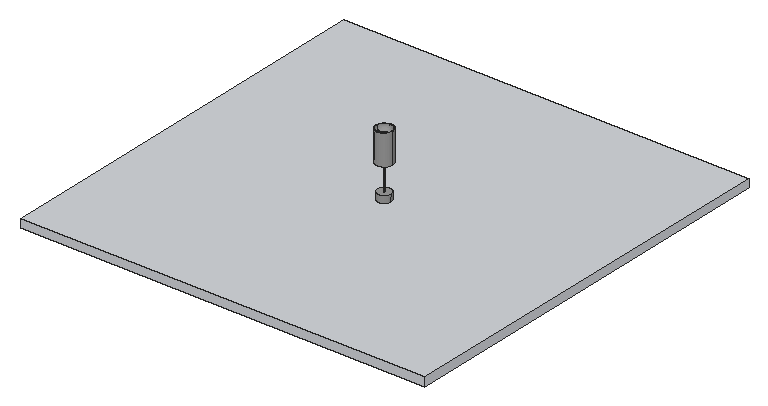
Revit family "LAMP_KOMBIC 100 SURFACE 2000 CRI80 OPTIC DALI", category Luminarias, Revit 2018
Family settings
  Anfitrión = Cara
  Cota de conector redondo = Diámetro de uso
  Tipo de pieza = Normal
  Corte con vacíos al cargar = No
  Origen de luz = Sí
  Compartido = No
  Punto de cálculo de habitación = No
Parameters (values of type "1205LM 3000K  B/B")
  Ángulo de inclinación = -90.00°
  Weight = 0.502 kg
  UGR = "17"
  Type = "COB PHILIPS"
  Protection rating = "IP40"
  Product datasheet = "http://www.lamp.es/product-files/TECH/K11SF2040WF830DBB-EN.pdf"
  Product code = "K11SF2040WF830DBB"
  Product URL = "https://www.lamp.es/en/family/kombic-surface_474354"
  Power Supply = "220-240V 50/60Hz"
  Power = 12 W
  Plum = 14.5 W
  Modelo = Product code  # "K11SF2040WF830DBB"
  Model explanation = "Possibility of chossing between surface or suspended within the model"
  Material reflector = LAMP_PC Reflector Kombic Metalizado Negro
  Material floron = LAMP_Plástico genérico NG
  Material optica = LAMP_PMMA Optica Kombic100
  Material cuerpo = LAMP_Plástico genérico NG
  Material cable suspension = LAMP_Acero genérico
  Material LED = LAMP_COB
  Manufacturer name = "LAMP"
  Manufacturer country = "Spain"
  Manufacturer URL = "http://www.lamp.es/en"
  MacAdam = "3"
  Luminaire type = "Suspended"
  Last update = "29/07/2021"
  Lamp = "COB LED"
  LED Lifetime = "50.000 L80 B10"
  Insulation class = "I"
  Installation instructions = "https://www.lamp.es/product-files/packed/by-family/474354_INS_all.zip"
  IEE = "A+"
  Height suspension [instance] = 200 mm
  Height distance [instance] = if(Surface, 0.1 mm, if(Ceiling rose, if(Height suspension > 38 mm, if(Height suspension < 2000 mm, Height suspension, 2000 mm), 38 mm), 37 mm))  # 200 mm
  Wattage = 14.5 W
  built-in parameter 1150107 = 3000 (stored number, unit not read)
  Surface [instance] = no
  built-in parameter 1150110 = 1 (stored number, unit not read)
  built-in parameter 1150109 = 1 (stored number, unit not read)
  built-in parameter 1150112 = 1 (stored number, unit not read)
  built-in parameter 1150113 = 1 (stored number, unit not read)
  built-in parameter 1114218 = 1 (stored number, unit not read)
  built-in parameter 1150137 = (empty or 0)
  built-in parameter 1150132 = 2
  built-in parameter 1150105 = 1078.2 (stored number, unit not read)
  built-in parameter 1150102 = (empty or 0)
  built-in parameter 1150106 = 10.782 (stored number, unit not read)
  Height = 180 mm
  Gear = "Electronic"
  Lumens = 1204.95 lm
  Finish = "Matte black RAL 9011"
  Color Filter = 16777215
  built-in parameter 1114217 = 1 (stored number, unit not read)
  built-in parameter 1150139 = (empty or 0)
  Fabricante = Manufacturer name  # "LAMP"
  Default Elevation = 1219.2 mm
  built-in parameter 1150104 = 7.7202 (stored number, unit not read)
  Efficacy = 83.1 lm/W
  Diameter = 100 mm
  built-in parameter 1150115 = 1 (stored number, unit not read)
  built-in parameter 1150114 = 1 (stored number, unit not read)
  built-in parameter 1150138 = (empty or 0)
  built-in parameter 1150134 = (empty or 0)
  Ceiling rose [instance] = not(Surface)  # yes
  Dimming Lamp Color Temperature Shift = (empty or 0)
  CRI = "80"
  Archivo de red fotométrica = "K11SF2040WF830NBB.IES"
  built-in parameter 1150133 = 10 (stored number, unit not read)
Types (12, lengths in mm): name | UGR | Product datasheet | Product code | Modelo | Material reflector | Material floron | Material cuerpo | built-in parameter 1150107 | built-in parameter 1150105 | built-in parameter 1150106 | Lumens | Finish | built-in parameter 1150104 | Efficacy | built-in parameter 1150134 | Archivo de red fotométrica
  1205LM 3000K  B/B | "17" | "http://www.lamp.es/product-files/TECH/K11SF2040WF830DBB-EN.pdf" | "K11SF2040WF830DBB" | "K11SF2040WF830DBB" | LAMP_PC Reflector Kombic Metalizado Negro | LAMP_Plástico genérico NG | LAMP_Plástico genérico NG | 3000 (stored number, unit not read) | 1078.2 (stored number, unit not read) | 10.782 (stored number, unit not read) | 1204.95 lm | "Matte black RAL 9011" | 7.7202 (stored number, unit not read) | 83.1 lm/W | (empty or 0) | "K11SF2040WF830NBB.IES"
  1205LM 3000K  B/W | "17" | "http://www.lamp.es/product-files/TECH/K11SF2040WF830DBW-EN.pdf" | "K11SF2040WF830DBW" | "K11SF2040WF830DBW" | LAMP_PC Reflector Kombic Metalizado Negro | LAMP_Plástico genérico BL | LAMP_Plástico genérico BL | 3000 (stored number, unit not read) | 1078.2 (stored number, unit not read) | 10.782 (stored number, unit not read) | 1204.95 lm | "Matte Traffic white RAL 9016" | 7.7202 (stored number, unit not read) | 83.1 lm/W | (empty or 0) | "K11SF2040WF830NBW.IES"
  1268LM 3000K  M/B | "17" | "http://www.lamp.es/product-files/TECH/K11SF2040WF830DMB-EN.pdf" | "K11SF2040WF830DMB" | "K11SF2040WF830DMB" | LAMP_PC Reflector Kombic Metalizado Mate | LAMP_Plástico genérico NG | LAMP_Plástico genérico NG | 3000 (stored number, unit not read) | 1134 (stored number, unit not read) | 11.34 (stored number, unit not read) | 1267.3 lm | "Matte black RAL 9011" | 8.1197 (stored number, unit not read) | 87.4 lm/W | (empty or 0) | "K11SF2040WF830NMB.IES"
  1268LM 3000K  M/W | "17" | "http://www.lamp.es/product-files/TECH/K11SF2040WF830DMW-EN.pdf" | "K11SF2040WF830DMW" | "K11SF2040WF830DMW" | LAMP_PC Reflector Kombic Metalizado Mate | LAMP_Plástico genérico BL | LAMP_Plástico genérico BL | 3000 (stored number, unit not read) | 1134 (stored number, unit not read) | 11.34 (stored number, unit not read) | 1267.3 lm | "Matte Traffic white RAL 9016" | 8.1197 (stored number, unit not read) | 87.4 lm/W | (empty or 0) | "K11SF2040WF830NMW.IES"
  1275LM 3000K  W/B | "19" | "http://www.lamp.es/product-files/TECH/K11SF2040WF830DWB-EN.pdf" | "K11SF2040WF830DWB" | "K11SF2040WF830DWB" | LAMP_PC Reflector Kombic Blanco | LAMP_Plástico genérico NG | LAMP_Plástico genérico NG | 3000 (stored number, unit not read) | 1140.5 (stored number, unit not read) | 11.405 (stored number, unit not read) | 1274.55 lm | "Matte black RAL 9011" | 8.1662 (stored number, unit not read) | 87.9 lm/W | (empty or 0) | "K11SF2040WF830NWB.IES"
  1275LM 3000K  W/W | "19" | "http://www.lamp.es/product-files/TECH/K11SF2040WF830DWW-EN.pdf" | "K11SF2040WF830DWW" | "K11SF2040WF830DWW" | LAMP_PC Reflector Kombic Blanco | LAMP_Plástico genérico BL | LAMP_Plástico genérico BL | 3000 (stored number, unit not read) | 1140.5 (stored number, unit not read) | 11.405 (stored number, unit not read) | 1274.55 lm | "Matte Traffic white RAL 9016" | 8.1662 (stored number, unit not read) | 87.9 lm/W | (empty or 0) | "K11SF2040WF830NWW.IES"
  1277LM 4000K  B/B | "17" | "http://www.lamp.es/product-files/TECH/K11SF2040WF840DBB-EN.pdf" | "K11SF2040WF840DBB" | "K11SF2040WF840DBB" | LAMP_PC Reflector Kombic Metalizado Negro | LAMP_Plástico genérico NG | LAMP_Plástico genérico NG | 4000 (stored number, unit not read) | 1143.1 (stored number, unit not read) | 11.431 (stored number, unit not read) | 1277.45 lm | "Matte black RAL 9011" | 8.1848 (stored number, unit not read) | 88.1 lm/W | 12 | "K11SF2040WF840NBB.IES"
  1277LM 4000K  B/W | "17" | "http://www.lamp.es/product-files/TECH/K11SF2040WF840DBW-EN.pdf" | "K11SF2040WF840DBW" | "K11SF2040WF840DBW" | LAMP_PC Reflector Kombic Metalizado Negro | LAMP_Plástico genérico BL | LAMP_Plástico genérico BL | 4000 (stored number, unit not read) | 1143.1 (stored number, unit not read) | 11.431 (stored number, unit not read) | 1277.45 lm | "Matte Traffic white RAL 9016" | 8.1848 (stored number, unit not read) | 88.1 lm/W | 12 | "K11SF2040WF840NBW.IES"
  1343LM 4000K  W/B | "19" | "http://www.lamp.es/product-files/TECH/K11SF2040WF840DWB-EN.pdf" | "K11SF2040WF840DWB" | "K11SF2040WF840DWB" | LAMP_PC Reflector Kombic Blanco | LAMP_Plástico genérico NG | LAMP_Plástico genérico NG | 4000 (stored number, unit not read) | 1201.5 (stored number, unit not read) | 12.015 (stored number, unit not read) | 1342.7 lm | "Matte black RAL 9011" | 8.6028 (stored number, unit not read) | 92.6 lm/W | 12 | "K11SF2040WF840NWB.IES"
  1343LM 4000K  W/W | "19" | "http://www.lamp.es/product-files/TECH/K11SF2040WF840DWW-EN.pdf" | "K11SF2040WF840DWW" | "K11SF2040WF840DWW" | LAMP_PC Reflector Kombic Blanco | LAMP_Plástico genérico BL | LAMP_Plástico genérico BL | 4000 (stored number, unit not read) | 1201.5 (stored number, unit not read) | 12.015 (stored number, unit not read) | 1342.7 lm | "Matte Traffic white RAL 9016" | 8.6028 (stored number, unit not read) | 92.6 lm/W | 12 | "K11SF2040WF840NWW.IES"
  1351LM 4000K  M/B | "17" | "http://www.lamp.es/product-files/TECH/K11SF2040WF840DMB-EN.pdf" | "K11SF2040WF840DMB" | "K11SF2040WF840DMB" | LAMP_PC Reflector Kombic Metalizado Mate | LAMP_Plástico genérico NG | LAMP_Plástico genérico NG | 4000 (stored number, unit not read) | 1209.3 (stored number, unit not read) | 12.093 (stored number, unit not read) | 1351.4 lm | "Matte black RAL 9011" | 8.6586 (stored number, unit not read) | 93.2 lm/W | 12 | "K11SF2040WF840NMB.IES"
  1351LM 4000K  M/W | "17" | "http://www.lamp.es/product-files/TECH/K11SF2040WF840DMW-EN.pdf" | "K11SF2040WF840DMW" | "K11SF2040WF840DMW" | LAMP_PC Reflector Kombic Metalizado Mate | LAMP_Plástico genérico BL | LAMP_Plástico genérico BL | 4000 (stored number, unit not read) | 1209.3 (stored number, unit not read) | 12.093 (stored number, unit not read) | 1351.4 lm | "Matte Traffic white RAL 9016" | 8.6586 (stored number, unit not read) | 93.2 lm/W | 12 | "K11SF2040WF840NMW.IES"
Reference planes
  plane 1 "Centro (Frontal/Posterior)": y = 0
  plane 2: z = 0
  plane 3 "Centro (Izquierda/Derecha)": x = 0
Forms (mm)
  Extrusion 1, solid
    sketch origin (0, 0, 0) x (1, 0, 0) y (0, 1, 0)
      loop
        line (-1219.2, 1219.2) -> (-1219.2, -1219.2) -> (1219.2, -1219.2) -> (1219.2, 1219.2) -> (-1219.2, 1219.2)
    from 0 to -50
  Extrusion 2, solid, material "LAMP_Plástico genérico NG" <- "Material cuerpo"
    sketch origin (0, 0, 0) x (1, 0, 0) y (0, 1, 0)
      loop
        circle (0, 0) r 50
    from 200 to 380
  Extrusion 3, void
    sketch origin (0, 0, 0) x (1, 0, 0) y (0, 1, 0)
      loop
        circle (0, 0) r 48
    from 210.588 to 380
  Sweep 4, solid, material "LAMP_PC Reflector Kombic Metalizado Negro" <- "Material reflector"
    path origin (105.103, -251.845, 380) x (1, 0, 0) y (0, 1, 0)
      loop
        circle (-105.103, 251.959) r 48
    profile origin (0, 48.114, 380) x (0, -1, 0) y (0, 0, 1)
      loop
        arc (0, 0) -> (6.616, -20.646) -> (24, -33.6) r 35.52
        line (24, -33.6) -> (24, -32.6)
        arc (24, -32.6) -> (7.196, -20.217) -> (2, 0) r 31.112
        line (2, 0) -> (0, 0)
  Extrusion 5, solid, material "LAMP_PMMA Optica Kombic100" <- "Material optica"
    sketch origin (0, 0, 0) x (1, 0, 0) y (0, 1, 0)
      loop
        circle (0, 0) r 24
    from 346.4 to 347.4
  Extrusion 6, solid, material "LAMP_Plástico genérico NG" <- "Material floron", visible <- "Ceiling rose"
    sketch origin (0, 0, 0) x (1, 0, 0) y (0, 1, 0)
      loop
        circle (0, 0) r 42
    from 0 to 37
  Extrusion 7, solid, material "LAMP_Acero genérico" <- "Material cable suspension", visible <- "Ceiling rose"
    sketch origin (0, 0, 0) x (1, 0, 0) y (0, 1, 0)
      loop
        circle (0, 0) r 1
    from 37 to 200
Cuts and joins
  Extrusion 3 cuts Extrusion 2
Text (mm)
  text "Any modification of the parameters and properties of the LAMP BIM models must be executed and validated by the LAMP technical department.\nPhone: +34 93 736 68 00\nE-mail: lamp@lamp.es\n\nLAMP reserves the right to modify the technical specifications of its products." at (1856.491, -4316.333, -2622.127), in view "Preview"
Dimensions and locks
  "Height distance": Extrusion 2 to Extrusion 1
  locked: Extrusion 2 to Extrusion 2 at 180
  locked: cut or joined group of Extrusion 2, Extrusion 3 to cut or joined group of Extrusion 2, Extrusion 3 at 169.412
  aligned and locked: plane 2 to Extrusion 1
  aligned and locked: level to Extrusion 1
  aligned and locked: Extrusion 2 to Extrusion 3
  aligned and locked: cut or joined group of Extrusion 2, Extrusion 3 to Sweep 4 sketch curve
  aligned and locked: Sweep 4 to Extrusion 5
  aligned and locked: Extrusion 5 to Sweep 4
  aligned and locked: Extrusion 7 to Extrusion 6
  aligned and locked: Extrusion 7 to cut or joined group of Extrusion 2, Extrusion 3
  aligned and locked: imposter light to cut or joined group of Extrusion 2, Extrusion 3
Automatic sketch dimensions
  Extrusion 1 sketch curve to Extrusion 1 sketch curve = 2438.4 mm  (x2)
  plane 1 "Centro (Frontal/Posterior)" to Extrusion 2 sketch curve = 0 mm
  Extrusion 2 sketch curve to plane 3 "Centro (Izquierda/Derecha)" = 0 mm
  plane 1 "Centro (Frontal/Posterior)" to Extrusion 3 sketch curve = 0 mm
  Extrusion 3 sketch curve to plane 3 "Centro (Izquierda/Derecha)" = 0 mm
  Sweep 4 sketch curve to Sweep 4 sketch curve = 2 mm
  Sweep 4 sketch curve to Sweep 4 sketch curve = 2.536 mm
  Sweep 4 sketch curve to Sweep 4 sketch curve = 2.814 mm
  Sweep 4 sketch curve to profile plane = 24 mm
  Sweep 4 sketch curve to Sweep 4 sketch curve = 8.984 mm
  Sweep 4 sketch curve to profile plane = 0 mm
  plane 1 "Centro (Frontal/Posterior)" to Extrusion 5 sketch curve = 0 mm
  Extrusion 5 sketch curve to plane 3 "Centro (Izquierda/Derecha)" = 0 mm
  plane 1 "Centro (Frontal/Posterior)" to Extrusion 6 sketch curve = 0 mm
  Extrusion 6 sketch curve to plane 3 "Centro (Izquierda/Derecha)" = 0 mm
  plane 1 "Centro (Frontal/Posterior)" to Extrusion 7 sketch curve = 0 mm
  Extrusion 7 sketch curve to plane 3 "Centro (Izquierda/Derecha)" = 0 mm
  radius of Extrusion 2 sketch curve = 50 mm
  radius of Extrusion 3 sketch curve = 48 mm
  radius of Sweep 4 sketch curve = 48 mm
  radius of Extrusion 5 sketch curve = 24 mm
  radius of Extrusion 6 sketch curve = 42 mm
  radius of Extrusion 7 sketch curve = 1 mm
Connectors
  electrical at (0, 0, 200)
    settings: on cut or joined group of Extrusion 2, Extrusion 3, index 1, voltage 230 V, apparent load 0 VA, apparent load phase1 0 VA, apparent load phase2 0 VA, apparent load phase3 0 VA, power factor 1, load classification "Otro", number of poles 1, system type 31, power factor state 1, is connector primary yes, connector utility no, sub classification motor no, connector description ""
